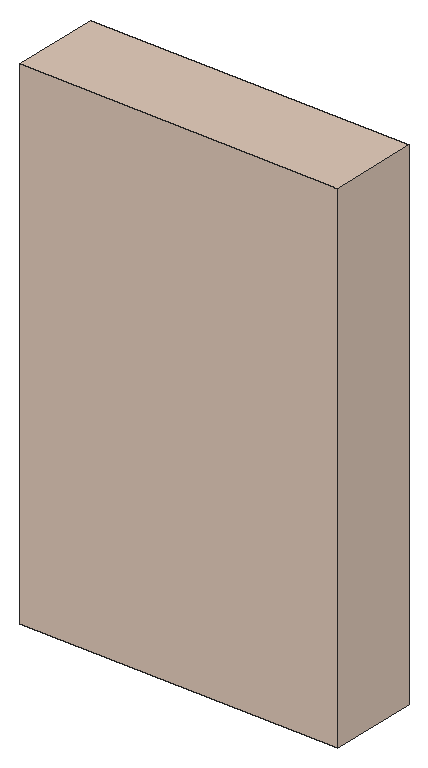
Revit family "Niche_NobleCompany_301_314", category Generic Models, host Wall, Revit 2015
Parameters (values of type "314 Rectangular")
  Width = 1' - 2 1/4"
  URL = "www.noblecompany.com"
  Thickness = 0' - 1 1/4"
  Specification = ""
  Sales Information = "http://noblecompany.com/contact/"
  Revision = "R1_09-2016"
  Product Properties = "http://noblecompany.com/products/noble-niches"
  Product Data = "http://www.arcat.com/arcatcos/cos34/arc34489.html"
  Niche Material = Acrylic Polymer Finish
  Model = "314"
  Manufacturer Website = "www.noblecompany.com"
  Manufacturer Phone - Toll Free = "800-878-5788"
  Manufacturer Phone = "231-799-8000"
  Manufacturer Fax = "231-799-8850"
  Manufacturer Address = "P. O. Box 350, Grand Haven, MI 49417-0350"
  Manufacturer = "Noble Company"
  Keynote = "10 28 00"
  Installation-Fabrication = "http://noblecompany.com/storage/docs/resources/NN062016-13_Noble_Niche_Installation_Instruction.pdf"
  Instal Height [instance] = 5' - 0"
  Height = 1' - 10 1/2"
  Drawn By = "Sumex Design - Robert S Weygant"
  Description = "314 Rectangular NIche"
  Depth = 0' - 4"
  Copyright = "� 2016 ARCAT Inc."
  Construction Details = ""
  Assembly Code = "D2010700"
Types (2): name | Thickness | Model | Height | Description
  301 Square | 0' - 1 1/8" | "301" | 1' - 2 1/4" | "301 Square Niche"
  314 Rectangular | 0' - 1 1/4" | "314" | 1' - 10 1/2" | "314 Rectangular NIche"
Reference planes (in)
  plane 1: y = 0
  plane 2 "Center (Left/Right)": x = 0
  plane 3 "Wall Edge": y = 3
  plane 4: x = -7.125
  plane 5: y = 3.125
  plane 6: y = -0.875
  plane 7: x = 7.125
  plane 8: z = 60
  plane 9: z = 37.5
  plane 10: x = -6
  plane 11: x = 6
  plane 12: y = -0.375
  plane 13: z = 38.75
  plane 14: z = 58.75
Forms (in)
  Extrusion 1, void
    sketch origin (0, 0, 0) x (1, 0, 0) y (0, 1, 0)
      loop
        line (-7.125, 3.125) -> (-7.125, -0.875) -> (7.125, -0.875) -> (7.125, 3.125) -> (-7.125, 3.125)
    from 37.5 to 60
  Extrusion 2, solid, material "Acrylic Polymer Finish" <- "Niche Material"
    sketch origin (0, 0, 0) x (1, 0, 0) y (0, 1, 0)
      loop
        line (-7.125, 3.125) -> (-7.125, -0.875) -> (7.125, -0.875) -> (7.125, 3.125) -> (-7.125, 3.125)
    from 37.5 to 60
  Extrusion 3, void
    sketch origin (0, 3, 0) x (1, 0, 0) y (0, 0, 1)
      loop
        line (6, 58.75) -> (-6, 58.75) -> (-6, 38.75) -> (6, 38.75) -> (6, 58.75)
    from -0.125 to 3.375
Cuts and joins
  Extrusion 3 cuts Extrusion 2
Text (in)
  text "Placement Side" at (0, 40.15149, 123.01588), in view "Right"
  text "Placement Side" at (-105.78919, 39.84311, 0), in view "Ref. Level"
  text "Placement Side" at (0, 81.62555, 140.59947), in view "Left"
Dimensions and locks (in)
  locked: plane 3 "Wall Edge" to host wall
  equal spacing: plane 4, plane 2 "Center (Left/Right)", plane 7
  "Width": plane 4 to plane 7
  "Depth": plane 5 to plane 6
  locked: plane 5 to plane 3 "Wall Edge" at 0.125
  "Height": plane 9 to plane 8
  "Instal Height": level to plane 8
  locked: plane 12 to plane 6 at 0.5
  locked: plane 4 to plane 10 at 1.125
  locked: plane 11 to plane 7 at 1.125
  "Thickness": plane 14 to plane 8
  "Thickness": plane 9 to plane 13
  aligned and locked: Extrusion 1 sketch curve to plane 5
  aligned and locked: plane 4 to Extrusion 1 sketch curve
  aligned and locked: plane 6 to Extrusion 1 sketch curve
  aligned and locked: plane 7 to Extrusion 1 sketch curve
  aligned and locked: plane 8 to Extrusion 1
  aligned and locked: Extrusion 1 to plane 9
  aligned and locked: Extrusion 2 sketch curve to plane 5
  aligned and locked: plane 4 to Extrusion 2 sketch curve
  aligned and locked: plane 6 to Extrusion 2 sketch curve
  aligned and locked: plane 7 to Extrusion 2 sketch curve
  aligned and locked: plane 8 to Extrusion 2
  aligned and locked: Extrusion 2 to plane 9
  aligned and locked: plane 14 to Extrusion 3 sketch curve
  aligned and locked: plane 11 to Extrusion 3 sketch curve
  aligned and locked: plane 10 to Extrusion 3 sketch curve
  aligned and locked: Extrusion 3 to plane 12
  aligned and locked: plane 5 to Extrusion 3
  aligned and locked: Extrusion 3 sketch curve to plane 13
